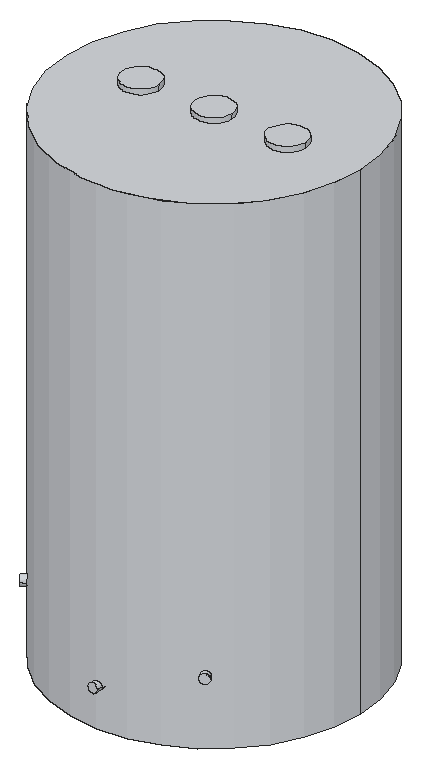
Revit family "Rheem AP Vitreous Enamel HWC", category Plumbing Fixtures, Revit 2023
Family settings
  Round Connector Dimension = Use Diameter
  Part Type = Normal
  OmniClass Number = 23.45.00.00
  OmniClass Title = Sanitary, Laundry, and Cleaning Equipment
  Work Plane-Based = No
  Enable Cutting in Views = No
  Always vertical = Yes
  Cut with Voids When Loaded = No
  Maintain Annotation Orientation = No
  Shared = No
  Room Calculation Point = No
Parameters (values of type "APVE 180L 610 x 1015H Triple Inlet 3kW")
  URL = "https://rheem.co.nz/products/home/electric-water-heating/all-pressure-vitreous-enamel"
  Type Comments = ""
  Material = none
  Element Rating (@230V) = 3000 W
  Boost Capacity (Twin Element) = 0.00 m³
  B - Width = 610 mm
  Top Connection Size = 75 mm  # constant formula
  Top Connection Placement = [B - Width] / 4  # 152.5 mm
  Approx. Storage Capacity = 180.00 m³
  Model = "12T18015AP"
  Manufacturer = "Rheem"  # constant formula
  A - Height = 1015 mm
  Description = "APVE 180L 610 x 1015H Triple Inlet 3kW"
  Default Elevation = 0 mm
  Connection Length = ([B - Width] / 2) + 10 mm  # 315 mm
  D - Height = 80 mm
  Connection D = not([D - Height] = 0 mm)  # yes
  C - Height = 135 mm
  Connection - D = ([B - Width] / 2) + 10 mm  # 315 mm
  H - Angle = 36.00°
Types (27, lengths in mm): name | Element Rating (@230V) | B - Width | Top Connection Placement | Approx. Storage Capacity | Model | A - Height | Description | Connection Length | Connection - D
  APVE 90L 490 x 920H Triple Inlet 2kW | 2000 W | 490 | 122.5 | 90.00 m³ | "14809013AP " | 920 | "APVE 90L 490 x 920H Triple Inlet 2kW" | 255 | 255
  APVE 90L 490 x 920H Triple Inlet 3kW | 3000 W | 490 | 122.5 | 90.00 m³ | "14809015AP " | 920 | "APVE 90L 490 x 920H Triple Inlet 3kW" | 255 | 255
  APVE 135L 490 x 1320H Triple Inlet 2kW | 2000 W | 490 | 122.5 | 135.00 m³ | "14813513AP " | 1320 | "APVE 135L 490 x 1320H Triple Inlet 2kW" | 255 | 255
  APVE 135L 490 x 1320H Triple Inlet 3kW | 3000 W | 490 | 122.5 | 135.00 m³ | "14813515AP " | 1320 | "APVE 135L 490 x 1320H Triple Inlet 3kW" | 255 | 255
  APVE 180L 490 x 1715H Triple Inlet 2kW | 2000 W | 490 | 122.5 | 180.00 m³ | "14818013AP " | 1715 | "APVE 180L 490 x 1715H Triple Inlet 2kW" | 255 | 255
  APVE 180L 490 x 1715H Triple Inlet 3kW | 3000 W | 490 | 122.5 | 180.00 m³ | "14818015AP " | 1715 | "APVE 180L 490 x 1715H Triple Inlet 3kW" | 255 | 255
  APVE 90L 510 x 780H Triple Inlet 2kW | 2000 W | 510 | 127.5 | 90.00 m³ | "14T09013AP" | 780 | "APVE 90L 510 x 780H Triple Inlet 2kW" | 265 | 265
  APVE 110L 510 x 945H Triple Inlet 2kW | 2000 W | 510 | 127.5 | 110.00 m³ | "14T11013AP" | 945 | "APVE 110L 510 x 945H Triple Inlet 2kW" | 265 | 265
  APVE 135L 510 x 1140H Triple Inlet 2kW | 2000 W | 510 | 127.5 | 135.00 m³ | "16T13513AP" | 1140 | "APVE 135L 510 x 1140H Triple Inlet 2kW" | 265 | 265
  APVE 180L 510 x 1510H Triple Inlet 2kW | 2000 W | 510 | 127.5 | 180.00 m³ | "16T18013AP" | 1510 | "APVE 180L 510 x 1510H Triple Inlet 2kW" | 265 | 265
  APVE 180L 510 x 1510H Triple Inlet 3kW | 3000 W | 510 | 127.5 | 180.00 m³ | "16T18015AP" | 1510 | "APVE 180L 510 x 1510H Triple Inlet 3kW" | 265 | 265
  APVE 135L 540 x 1030H Triple Inlet 2kW | 2000 W | 540 | 135 | 135.00 m³ | "54T13513AP" | 1030 | "APVE 135L 540 x 1030H Triple Inlet 2kW" | 280 | 280
  APVE 180L 540 x 1350H Triple Inlet 2kW | 2000 W | 540 | 135 | 180.00 m³ | "54T18013AP" | 1350 | "APVE 180L 540 x 1350H Triple Inlet 2kW" | 280 | 280
  APVE 180L 540 x 1350H Triple Inlet 3kW | 3000 W | 540 | 135 | 180.00 m³ | "54T18015AP" | 1350 | "APVE 180L 540 x 1350H Triple Inlet 3kW" | 280 | 280
  APVE 135L 560 x 950H Triple Inlet 2kW | 2000 W | 560 | 140 | 135.00 m³ | "14T13513AP" | 950 | "APVE 135L 560 x 950H Triple Inlet 2kW" | 290 | 290
  APVE 180L 560 x 1220H Triple Inlet 2kW | 2000 W | 560 | 140 | 180.00 m³ | "14T18013AP" | 1220 | "APVE 180L 560 x 1220H Triple Inlet 2kW" | 290 | 290
  APVE 180L 560 x 1220H Triple Inlet 3kW | 3000 W | 560 | 140 | 180.00 m³ | "14T18015AP" | 1220 | "APVE 180L 560 x 1220H Triple Inlet 3kW" | 290 | 290
  APVE 250L 560 x 1710H Triple Inlet 3kW | 3000 W | 560 | 140 | 250.00 m³ | "14T25015AP" | 1710 | "APVE 250L 560 x 1710H Triple Inlet 3kW" | 290 | 290
  APVE 135L 580 x 885H Triple Inlet 2kW | 2000 W | 580 | 145 | 135.00 m³ | "15813513AP " | 885 | "APVE 135L 580 x 885H Triple Inlet 2kW" | 300 | 300
  APVE 135L 580 x 885H Triple Inlet 3kW | 3000 W | 580 | 145 | 135.00 m³ | "15813515AP " | 885 | "APVE 135L 580 x 885H Triple Inlet 3kW" | 300 | 300
  APVE 180L 580 x 1140H Triple Inlet 2kW | 2000 W | 580 | 145 | 180.00 m³ | "15818013AP " | 1140 | "APVE 180L 580 x 1140H Triple Inlet 2kW" | 300 | 300
  APVE 180L 580 x 1140H Triple Inlet 3kW | 3000 W | 580 | 145 | 180.00 m³ | "15818015AP " | 1140 | "APVE 180L 580 x 1140H Triple Inlet 3kW" | 300 | 300
  APVE 250L 580 x 1540H Triple Inlet 3kW | 3000 W | 580 | 145 | 250.00 m³ | "15825015AP " | 1540 | "APVE 250L 580 x 1540H Triple Inlet 3kW" | 300 | 300
  APVE 135L 610 x 795H Triple Inlet 2kW | 2000 W | 610 | 152.5 | 135.00 m³ | "12T13513AP" | 795 | "APVE 135L 610 x 795H Triple Inlet 2kW" | 315 | 315
  APVE 180L 610 x 1015H Triple Inlet 2kW | 2000 W | 610 | 152.5 | 180.00 m³ | "12T18013AP" | 1015 | "APVE 180L 610 x 1015H Triple Inlet 2kW" | 315 | 315
  APVE 180L 610 x 1015H Triple Inlet 3kW | 3000 W | 610 | 152.5 | 180.00 m³ | "12T18015AP" | 1015 | "APVE 180L 610 x 1015H Triple Inlet 3kW" | 315 | 315
  APVE 250L 610 x 1410H Triple Inlet 3kW | 3000 W | 610 | 152.5 | 250.00 m³ | "12T25015AP" | 1410 | "APVE 250L 610 x 1410H Triple Inlet 3kW" | 315 | 315
Reference planes
  plane 1 "Center (Front/Back)": y = 0
  plane 2: z = 0
  plane 3 "Center (Left/Right)": x = 0
  plane 4 "Connection D": z = 80
  plane 5 "Connection C": z = 135
  plane 6 "Connection E": z = 0
  plane 7 "Panel F": z = 0
  plane 8 "Top": z = 1015
Forms (mm)
  Extrusion 1, solid, material <- "Material"
    sketch origin (0, 0, 0) x (1, 0, 0) y (0, 1, 0)
      loop
        circle (0, 0) r 305
    from 0 to 1015 <- "A - Height"
  Sweep 2, solid, material <- "Material"
    path in 3D
      loop
        line (185.152, -254.84, 135) -> (0, 0, 135)
    profile "RP 3/4 20 : Type 1" origin (92.576, -127.42, 135) x (-0.809017, -0.587785, 0) y (0, 0, 1)
      loop
        circle (0, 0) r 9.55
  Sweep 3, solid, visible <- "Connection D"
    path in 3D
      loop
        line (0, 0, 80) -> (0, -315, 80)
    profile "RP 3/4 20 : Type 1" origin (0, -157.5, 80) x (1, 0, 0) y (0, 0, 1)
      loop
        circle (0, 0) r 9.55
  Sweep 4, solid, material <- "Material"
    path in 3D
      loop
        line (-254.84, -185.152, 135) -> (0, 0, 135)
    profile "RP 3/4 20 : Type 1" origin (-127.42, -92.576, 135) x (-0.587785, 0.809017, 0) y (0, 0, 1)
      loop
        circle (0, 0) r 9.55
  Extrusion 5, solid
    sketch origin (0, 0, 1015) x (-1, 0, 0) y (0, -1, 0)
      loop
        circle (152.5, 0) r 37.5
      loop
        circle (0, 0) r 37.5
      loop
        circle (-152.5, 0) r 37.5
    from 0 to 10
Cuts and joins
  joined: Extrusion 1, Sweep 2, Sweep 4
Lines and regions (mm)
  reference lines
    curve 1: line (185.152, -254.84, 135) -> (0, 0, 135)
    curve 3: line (0, 0, 80) -> (0, -315, 80)
    curve 5: line (-254.84, -185.152, 135) -> (0, 0, 135)
    curve 7: line (-120.545, -291.022, 0) -> (0, 0, 0)
  sketch lines
    curve 2: line (185.152, -254.84, 135) -> (0, 0, 135)
    curve 4: line (0, 0, 80) -> (0, -315, 80)
    curve 6: line (-254.84, -185.152, 135) -> (0, 0, 135)
Dimensions and locks
  "D - Height": plane 4 "Connection D" to plane 2
  "C - Height": plane 5 "Connection C" to plane 2
  plane 6 "Connection E" to plane 2 = 0 mm
  plane 7 "Panel F" to plane 2 = 0 mm
  "Connection Length": curve 1 to curve 1
  "Connection Length": curve 3 to curve 3
  "Connection Length": curve 5 to curve 5
  "Connection Length": curve 7 to curve 7
  "A - Height": plane 8 "Top" to plane 2
  "Top Connection Placement": Extrusion 5 sketch curve to plane 3 "Center (Left/Right)"
  "Top Connection Placement": plane 3 "Center (Left/Right)" to Extrusion 5 sketch curve
  "B - Width": diameter of Extrusion 1 sketch curve
  "Top Connection Size": diameter of Extrusion 5 sketch curve  (x3)
  "H - Angle": angle plane 3 "Center (Left/Right)" to curve 1
  angle curve 7 to plane 3 "Center (Left/Right)" = 22.50°
  aligned and locked: level to plane 2
  aligned and locked: plane 3 "Center (Left/Right)" to Extrusion 1 sketch curve
  aligned and locked: plane 1 "Center (Front/Back)" to Extrusion 1 sketch curve
  aligned and locked: plane 1 "Center (Front/Back)" to curve 1
  aligned and locked: plane 3 "Center (Left/Right)" to curve 1
  aligned and locked: Sweep 2 to curve 3
  aligned and locked: curve 3 to plane 3 "Center (Left/Right)"
  aligned and locked: plane 1 "Center (Front/Back)" to curve 7
  aligned and locked: plane 3 "Center (Left/Right)" to curve 7
Automatic sketch dimensions
  plane 1 "Center (Front/Back)" to curve 3 = 0 mm
  plane 1 "Center (Front/Back)" to Extrusion 5 sketch curve = 0 mm  (x3)
  Extrusion 5 sketch curve to plane 3 "Center (Left/Right)" = 0 mm
